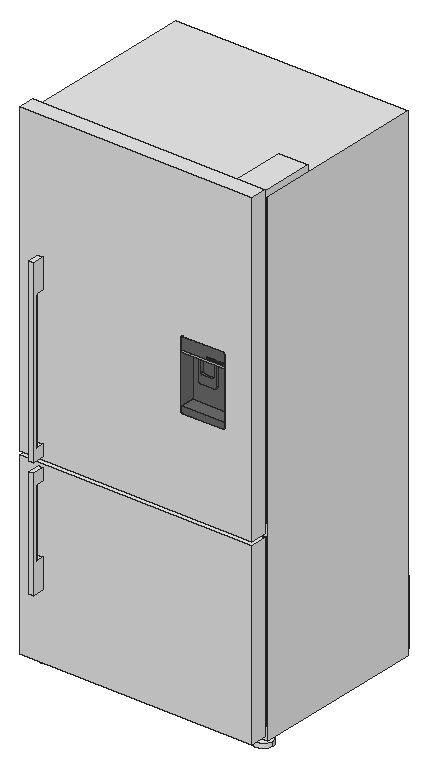
Revit family "Fisher & Paykel Fridge E522BRXFDU4", category Generic Models, host Floor, Revit 2013
Parameters
  URL = "http://www.fisherpaykel.com"
  Model = "Fisher & Paykel - Fridge E522BRXFDU4"
  Manufacturer = "Fisher&Paykel"
  Fridge = Fridge
  Designed by = "www.modlar.com"
  Description = "Fisher & Paykel - Fridge E522BRXFDU4"
Reference planes
  plane 1 "Center (Front/Back)": y = 0
  plane 2: z = 0
  plane 3 "Center (Left/Right)": x = 0
Dimensions and locks
  equal spacing: host sketch curve, plane 1 "Center (Front/Back)", host sketch curve
  equal spacing: host sketch curve, plane 3 "Center (Left/Right)", host sketch curve
  host sketch curve to host sketch curve = 3048.000 mm  (x2)
  aligned and locked: level to plane 2
Nested families
  nested 1: "E522BLRXFDU4" at (0, 0, 0) x (-1, 0, 0) z (0, 0, 1), type "Fisher & Paykel - Fridge E522BLXFDU"
Definition of nested family "E522BLRXFDU4"
  Parameters (values of type "Fisher & Paykel - Fridge E522BLXFDU")
    URL = "http://www.fisherpaykel.com"
    Model = "Fisher & Paykel - Fridge E522BLRXFDU"
    Manufacturer = "Fisher&Paykel"
    Fridge = Fridge
    Description = "Fisher & Paykel - Fridge E522BLRXFDU"
  Reference planes
    plane 1 "Center (Front/Back)": y = 0
    plane 2: z = 0
    plane 3 "Center (Left/Right)": x = 0
    plane 4: z = 0
    plane 5: z = 0
    plane 6 "Wheels": y = -278.8
    plane 7: x = -365
    plane 8: x = 365
    plane 9: z = 1610
    plane 10: z = 1715
    plane 11: x = -303.8
    plane 12: z = 1209.2
    plane 13 "Ice": y = -312.8
    plane 14: z = 1687.7
  Forms (mm)
    Extrusion 1, solid, material "Fridge" <- "Fridge"
      sketch origin (77.5, 15, 0) x (1, 0, 0) y (0, 1, 0)
        loop
          line (-472, 282.4) -> (-472, -312.4) -> (317, -312.4) -> (317, 282.4) -> (-472, 282.4)
      from 24 to 1687.7
    Extrusion 2, solid, material "Fridge" <- "Fridge"
      sketch origin (-394.5, 287.938, 0) x (0, 1, 0) y (0, 0, -1)
        loop
          line (39.462, -248.82) -> (39.462, -24) -> (9.462, -24) -> (9.462, -278.82) -> (39.462, -248.82)
      from -769 to -20
    Extrusion 3, solid, material "Fridge" <- "Fridge"
      sketch origin (-394.5, 287.938, 0) x (0, 1, 0) y (0, 0, -1)
        loop
          line (-600.538, -1715) -> (-600.538, -663) -> (-655.538, -663) -> (-655.538, -1715) -> (-600.538, -1715)
        loop
          line (-600.538, -650.65) -> (-600.538, -44.65) -> (-655.538, -44.65) -> (-655.538, -650.65) -> (-600.538, -650.65)
      from -789.5 to 0.5
    Extrusion 4, solid, material "Fridge" <- "Fridge"
      sketch origin (-394.5, 287.938, 0) x (0, 1, 0) y (0, 0, -1)
        loop
          line (-415.538, -1709.5) -> (-415.538, -1687.7) -> (-600.538, -1687.7) -> (-600.538, -1709.5) -> (-415.538, -1709.5)
      from -98.1 to -1.1
    Extrusion 5, solid, material "Fridge" <- "Fridge"
      sketch origin (394, 287.938, -2.35) x (0, 1, 0) y (0, 0, 1)
        loop
          line (-655.538, 269.5) -> (-655.538, 369.5) -> (-683.338, 369.5) -> (-683.338, 603.5) -> (-655.538, 603.5) -> (-655.538, 643.5) -> (-696.538, 643.5) -> (-696.538, 269.5) -> (-655.538, 269.5)
      from -77.7 to -62.3
    Extrusion 6, solid, material "Fridge"
      sketch origin (394, 287.938, -2.35) x (0, 1, 0) y (0, 0, 1)
        loop
          line (-683.338, 603.5) -> (-683.338, 369.5) -> (-682.069, 369.5) -> (-682.069, 603.5) -> (-683.338, 603.5)
      from -77.7 to -62.3
    Extrusion 7, solid, material "Fridge" <- "Fridge"
      sketch origin (394, 287.938, -404.35) x (0, 1, 0) y (0, 0, 1)
        loop
          line (-655.538, 1076.85) -> (-655.538, 1116.85) -> (-683.338, 1116.85) -> (-683.338, 1588.85) -> (-655.538, 1588.85) -> (-655.538, 1688.85) -> (-696.538, 1688.85) -> (-696.538, 1076.85) -> (-655.538, 1076.85)
      from -77.7 to -62.3
    Extrusion 8, solid, material "Fridge"
      sketch origin (394, 287.938, -404.35) x (0, 1, 0) y (0, 0, 1)
        loop
          line (-683.338, 1586.5) -> (-683.338, 1116.85) -> (-682.069, 1116.85) -> (-682.069, 1586.5) -> (-683.338, 1586.5)
      from -77.7 to -62.3
    Extrusion 9, solid, material "Fridge" <- "Fridge"
      sketch origin (-327.191, 287.938, 0) x (0, -1, 0) y (0, 0, 1)
        loop
          line (600.538, 645.9) -> (585.338, 645.9) -> (585.338, 65.9) -> (600.538, 65.9) -> (600.538, 645.9)
      from -714.391 to 60.009
    Extrusion 10, solid, material "Fridge" <- "Fridge"
      sketch origin (-233.759, 287.938, 1293.5) x (0, -1, 0) y (0, 0, 1)
        loop
          line (600.538, -608) -> (600.538, 388.9) -> (585.338, 388.9) -> (585.338, -608) -> (600.538, -608)
      from -620.959 to 153.441
    Extrusion 11, solid, material "Fridge" <- "Fridge"
      sketch origin (-394.5, 287.938, 0) x (0, 1, 0) y (0, 0, -1)
        loop
          line (-81.793, -24) -> (-30.882, -24)
          arc (-30.882, -24) -> (-56.338, 0) -> (-81.793, -24) r 25.5
        loop
          line (-523.293, -24) -> (-472.382, -24)
          arc (-472.382, -24) -> (-497.838, 0) -> (-523.293, -24) r 25.5
      from -69.05 to -49.35
    Extrusion 12, solid, material "Fridge" <- "Fridge"
      sketch origin (276.25, 287.938, 0) x (0, 1, 0) y (0, 0, -1)
        loop
          line (-81.793, -24) -> (-30.882, -24)
          arc (-30.882, -24) -> (-56.338, 0) -> (-81.793, -24) r 25.5
        loop
          line (-523.293, -24) -> (-472.382, -24)
          arc (-472.382, -24) -> (-497.838, 0) -> (-523.293, -24) r 25.5
      from -68.9 to -49.2
    Extrusion 13, solid, material "Fridge" <- "Fridge"
      sketch origin (-0.098, 0, 0) x (1, 0, 0) y (0, 1, 0)
        loop
          circle (-365, -278.8) r 5
        loop
          circle (365, -278.8) r 5
      from 14 to 24
    Extrusion 14, solid, material "Fridge" <- "Fridge"
      sketch origin (0, 0, 0) x (1, 0, 0) y (0, 1, 0)
        loop
          circle (-365, -278.8) r 30
        loop
          circle (365, -278.8) r 30
      from 0 to 14
    Extrusion 15, void
      sketch origin (0, 0, 0) x (1, 0, 0) y (0, 0, 1)
        loop
          line (-303.8, 1201.2) -> (-303.8, 981.6)
          arc (-303.8, 981.6) -> (-301.457, 975.943) -> (-295.8, 973.6) r 8
          line (-295.8, 973.6) -> (-161.3, 973.6)
          arc (-161.3, 973.6) -> (-155.643, 975.943) -> (-153.3, 981.6) r 8
          line (-153.3, 981.6) -> (-153.3, 1201.2)
          arc (-153.3, 1201.2) -> (-155.643, 1206.857) -> (-161.3, 1209.2) r 8
          line (-161.3, 1209.2) -> (-295.8, 1209.2)
          arc (-295.8, 1209.2) -> (-301.457, 1206.857) -> (-303.8, 1201.2) r 8
      from 312.8 to 367.6
    Revolve 16, solid, material "Fridge" <- "Fridge"
      sketch origin (-279.5, 287.938, 0) x (0, 1, 0) y (0, 0, 1)
        loop
          line (59.462, 90) -> (39.462, 90) -> (39.462, 85) -> (59.462, 85) -> (59.462, 90)
        axis (59.462, 85) -> (39.462, 85)
      angle from 0 to 360
  Cuts and joins
    Extrusion 15 cuts Extrusion 1
    Extrusion 15 cuts Extrusion 3
  Dimensions and locks
    level to Extrusion 11 = 24.000 mm
    plane 10 to plane 9 = 105.000 mm
    plane 1 "Center (Front/Back)" to Extrusion 2 = 327.400 mm
    plane 11 to Extrusion 3 = 91.200 mm
    plane 10 to plane 12 = 505.800 mm
    plane 13 "Ice" to Extrusion 3 = 54.800 mm
    level to plane 14 = 1687.700 mm
    aligned and locked: Extrusion 14 to level
    aligned and locked: cut or joined group of Extrusion 1, Extrusion 15 to plane 14
  Nested families
    nested 1: "Ice maker" at (-303.8, -312.8, 973.6), type "Ice maker"
  Definition of nested family "Ice maker"
    Parameters (values of type "Ice maker")
      Ice maker = UHMW, Black
      Fridge = Fridge
      Frame = Steel, Polished
      Brand = none
    Reference planes
      plane 1 "Center (Front/Back)": y = 0
      plane 2: z = 0
      plane 3 "Center (Left/Right)": x = 0
      plane 4: y = -54.8
      plane 5: x = 150.5
      plane 6: z = 235.6
      plane 7: z = 20
      plane 8: z = 187.1
      plane 9: z = 192.6
      plane 10: z = 196.129
      plane 11: x = 5.31
      plane 12: x = 75.25
      plane 13 "ice": y = -27.4
      plane 14: y = -33.4
      plane 15: y = -30.4
      plane 16: z = 179.1
      plane 17: x = 1
      plane 18: x = 149.5
      plane 19: y = -5
    Forms (mm)
      Extrusion 1, solid, material "Steel, Polished" <- "Frame"
        sketch origin (0, 0, 0) x (1, 0, 0) y (0, 0, 1)
          loop
            line (1, 187.1) -> (149.5, 187.1) -> (149.5, 192.6) -> (1, 192.6) -> (1, 187.1)
        from 0 to 54.8
      Extrusion 2, solid, material "UHMW, Black" <- "Ice maker"
        sketch origin (0, 0, 0) x (1, 0, 0) y (0, 0, 1)
          loop
            arc (8, 235.6) -> (2.343, 233.257) -> (0, 227.6) r 8
            line (0, 227.6) -> (0, 8)
            arc (0, 8) -> (2.343, 2.343) -> (8, 0) r 8
            line (8, 0) -> (142.5, 0)
            arc (142.5, 0) -> (148.157, 2.343) -> (150.5, 8) r 8
            line (150.5, 8) -> (150.5, 227.6)
            arc (150.5, 227.6) -> (148.157, 233.257) -> (142.5, 235.6) r 8
            line (142.5, 235.6) -> (8, 235.6)
          loop
            line (1, 192.6) -> (1, 20) -> (149.5, 20) -> (149.5, 192.6) -> (1, 192.6)
        from 0 to 54.8
      Extrusion 3, solid, material "Steel, Polished" <- "Frame"
        sketch origin (37.69, -18.414, 153.295) x (1, 0, 0) y (0, 0, 1)
          loop
            line (-30.953, 48.191) -> (-32.38, 42.834) -> (-31.094, 42.834) -> (-30.512, 45.035) -> (-27.529, 45.035) -> (-27.299, 45.885) -> (-30.282, 45.885) -> (-29.899, 47.34) -> (-26.756, 47.34) -> (-26.526, 48.191) -> (-30.953, 48.191)
          loop
            line (-26.37, 47.421) -> (-25.235, 47.421) -> (-25.024, 48.191) -> (-26.159, 48.191) -> (-26.37, 47.421)
          loop
            line (-26.592, 46.584) -> (-27.585, 42.834) -> (-26.45, 42.834) -> (-25.456, 46.584) -> (-26.592, 46.584)
          loop
            line (21.485, 42.834) -> (22.621, 42.834) -> (24.047, 48.191) -> (22.911, 48.191) -> (21.485, 42.834)
          loop
            spline (-19.682, 44.962) -> (-19.517, 45.32) -> (-19.341, 45.572) -> (-19.153, 45.737) -> (-18.952, 45.832) -> (-18.738, 45.876) -> (-18.508, 45.887) -> (-18.264, 45.882) -> (-18.022, 45.858) -> (-17.81, 45.8) -> (-17.657, 45.69) -> (-17.592, 45.513) -> (-17.643, 45.252)
            line (-17.643, 45.252) -> (-18.286, 42.834) -> (-17.152, 42.834) -> (-16.479, 45.379)
            spline (-16.479, 45.379) -> (-16.389, 45.941) -> (-16.539, 46.285) -> (-16.803, 46.475) -> (-17.067, 46.571) -> (-17.298, 46.611) -> (-17.511, 46.618) -> (-17.718, 46.618) -> (-17.94, 46.617) -> (-18.195, 46.613) -> (-18.507, 46.579) -> (-18.902, 46.407) -> (-19.41, 45.967)
            line (-19.41, 45.967) -> (-18.819, 48.191) -> (-19.953, 48.191) -> (-21.379, 42.834) -> (-20.244, 42.834) -> (-19.682, 44.962)
          loop
            line (-10.936, 46.584) -> (-11.93, 42.834) -> (-10.794, 42.834) -> (-10.213, 45.042)
            spline (-10.213, 45.042) -> (-10.076, 45.38) -> (-9.939, 45.609) -> (-9.796, 45.753) -> (-9.646, 45.834) -> (-9.484, 45.873) -> (-9.306, 45.893) -> (-9.115, 45.906) -> (-8.933, 45.895) -> (-8.784, 45.835) -> (-8.695, 45.704) -> (-8.689, 45.477) -> (-8.793, 45.132)
            line (-8.793, 45.132) -> (-7.722, 45.132)
            spline (-7.722, 45.132) -> (-7.605, 45.844) -> (-7.658, 46.21) -> (-7.808, 46.369) -> (-7.983, 46.455) -> (-8.159, 46.517) -> (-8.34, 46.555) -> (-8.531, 46.568) -> (-8.743, 46.561) -> (-8.983, 46.541) -> (-9.266, 46.475) -> (-9.612, 46.273) -> (-10.043, 45.842)
            line (-10.043, 45.842) -> (-9.801, 46.584) -> (-10.936, 46.584)
          loop
            line (9.569, 42.834) -> (10.392, 42.834)
            arc (10.392, 42.834) -> (10.001, 42.409) -> (9.549, 42.049) r 3.794
            arc (9.549, 42.049) -> (9.121, 41.885) -> (8.668, 41.959) r 0.881
            line (8.668, 41.959) -> (8.546, 41.188)
            arc (8.546, 41.188) -> (9.055, 41.176) -> (9.561, 41.241) r 3.394
            arc (9.561, 41.241) -> (10.199, 41.49) -> (10.719, 41.937) r 2.036
            arc (10.719, 41.937) -> (10.969, 42.261) -> (11.197, 42.601) r 6.112
            line (11.197, 42.601) -> (13.487, 46.584) -> (12.312, 46.584) -> (10.553, 43.42) -> (10.233, 46.584) -> (9.028, 46.584) -> (9.569, 42.834)
          loop
            line (14.08, 48.191) -> (12.646, 42.834) -> (13.782, 42.834) -> (14.223, 44.496) -> (15.035, 44.496) -> (16.119, 42.834) -> (17.378, 42.834) -> (15.943, 44.817) -> (18.042, 46.584) -> (16.873, 46.584) -> (15.227, 45.123) -> (14.395, 45.123) -> (15.206, 48.191) -> (14.08, 48.191)
          loop
            line (-1.576, 42.834) -> (-0.292, 42.834) -> (0.171, 44.56) -> (1.667, 44.56)
            spline (1.667, 44.56) -> (2.694, 44.606) -> (3.391, 44.734) -> (3.851, 44.93) -> (4.163, 45.179) -> (4.387, 45.479) -> (4.555, 45.835) -> (4.699, 46.253) -> (4.841, 46.732) -> (4.888, 47.232) -> (4.687, 47.686) -> (4.087, 48.027) -> (2.933, 48.191)
            line (2.933, 48.191) -> (-0.151, 48.191) -> (-1.576, 42.834)
          loop
            line (0.904, 47.34) -> (0.402, 45.444) -> (1.848, 45.444)
            spline (1.848, 45.444) -> (2.338, 45.429) -> (2.699, 45.492) -> (2.959, 45.62) -> (3.142, 45.799) -> (3.276, 46.016) -> (3.386, 46.255) -> (3.481, 46.504) -> (3.531, 46.746) -> (3.497, 46.966) -> (3.342, 47.149) -> (3.026, 47.279) -> (2.513, 47.34)
            line (2.513, 47.34) -> (0.904, 47.34)
          loop
            line (-14.963, 45.106) -> (-12.914, 45.106)
            spline (-12.914, 45.106) -> (-12.821, 45.458) -> (-12.859, 45.697) -> (-13.001, 45.845) -> (-13.218, 45.92) -> (-13.484, 45.946) -> (-13.77, 45.943) -> (-14.052, 45.926) -> (-14.315, 45.888) -> (-14.547, 45.807) -> (-14.739, 45.663) -> (-14.882, 45.436) -> (-14.963, 45.106)
          loop
            arc (-11.95, 44.545) -> (-11.803, 45.019) -> (-11.697, 45.504) r 5.692
            arc (-11.697, 45.504) -> (-11.756, 46.016) -> (-12.081, 46.416) r 0.918
            arc (-12.081, 46.416) -> (-13.12, 46.6) -> (-14.176, 46.585) r 5.573
            arc (-14.176, 46.585) -> (-15.14, 46.357) -> (-15.862, 45.678) r 1.918
            arc (-15.862, 45.678) -> (-16.288, 44.593) -> (-16.3, 43.427) r 3.23
            arc (-16.3, 43.427) -> (-15.896, 42.948) -> (-15.289, 42.794) r 1.025
            arc (-15.289, 42.794) -> (-14.279, 42.767) -> (-13.271, 42.836) r 10.666
            arc (-13.271, 42.836) -> (-12.426, 43.185) -> (-12.076, 44.03) r 1.194
            line (-12.076, 44.03) -> (-13.206, 44.03)
            spline (-13.206, 44.03) -> (-13.371, 43.751) -> (-13.583, 43.58) -> (-13.827, 43.493) -> (-14.091, 43.466) -> (-14.36, 43.476) -> (-14.621, 43.5) -> (-14.858, 43.532) -> (-15.056, 43.592) -> (-15.199, 43.702) -> (-15.268, 43.883) -> (-15.249, 44.157) -> (-15.124, 44.545)
            line (-15.124, 44.545) -> (-11.95, 44.545)
          loop
            line (18.517, 45.123) -> (20.565, 45.123)
            spline (20.565, 45.123) -> (20.658, 45.475) -> (20.62, 45.714) -> (20.479, 45.861) -> (20.262, 45.937) -> (19.996, 45.963) -> (19.709, 45.959) -> (19.427, 45.943) -> (19.165, 45.905) -> (18.932, 45.824) -> (18.74, 45.68) -> (18.598, 45.453) -> (18.517, 45.123)
          loop
            arc (21.53, 44.562) -> (21.677, 45.036) -> (21.782, 45.521) r 5.692
            arc (21.782, 45.521) -> (21.724, 46.033) -> (21.399, 46.432) r 0.918
            arc (21.399, 46.432) -> (20.359, 46.617) -> (19.303, 46.602) r 5.573
            arc (19.303, 46.602) -> (18.339, 46.374) -> (17.617, 45.695) r 1.918
            arc (17.617, 45.695) -> (17.192, 44.61) -> (17.179, 43.444) r 3.23
            arc (17.179, 43.444) -> (17.583, 42.965) -> (18.191, 42.811) r 1.025
            arc (18.191, 42.811) -> (19.201, 42.784) -> (20.209, 42.852) r 10.666
            arc (20.209, 42.852) -> (21.053, 43.202) -> (21.403, 44.047) r 1.194
            line (21.403, 44.047) -> (20.274, 44.047)
            spline (20.274, 44.047) -> (20.109, 43.768) -> (19.897, 43.597) -> (19.652, 43.51) -> (19.389, 43.483) -> (19.119, 43.493) -> (18.859, 43.517) -> (18.621, 43.549) -> (18.423, 43.609) -> (18.281, 43.719) -> (18.211, 43.9) -> (18.231, 44.174) -> (18.355, 44.562)
            line (18.355, 44.562) -> (21.53, 44.562)
          loop
            spline (8.727, 45.284) -> (8.767, 45.928) -> (8.592, 46.284) -> (8.282, 46.453) -> (7.919, 46.532) -> (7.547, 46.581) -> (7.16, 46.613) -> (6.754, 46.635) -> (6.321, 46.653) -> (5.868, 46.636) -> (5.423, 46.498) -> (5.014, 46.149) -> (4.67, 45.5)
            line (4.67, 45.5) -> (5.814, 45.5)
            arc (5.814, 45.5) -> (5.967, 45.868) -> (6.335, 46.02) r 0.521
            arc (6.335, 46.02) -> (6.897, 46.061) -> (7.449, 45.943) r 2.007
            arc (7.449, 45.943) -> (7.583, 45.269) -> (7.371, 44.615) r 1.364
            spline (7.371, 44.615) -> (6.424, 45.044) -> (5.63, 45.037) -> (5.005, 44.895) -> (4.533, 44.62) -> (4.211, 44.207) -> (4.069, 43.733) -> (4.108, 43.327) -> (4.335, 43.062) -> (4.808, 42.891) -> (5.514, 42.795) -> (6.382, 42.886) -> (7.26, 43.62)
            line (7.26, 43.62) -> (6.939, 42.834) -> (8.074, 42.834) -> (8.727, 45.284)
          loop
            spline (-25.881, 44.015) -> (-25.255, 42.812) -> (-23.957, 42.72) -> (-22.857, 42.862) -> (-22.011, 43.217) -> (-21.479, 43.851) -> (-21.425, 44.564) -> (-22.045, 44.999) -> (-23.23, 45.073) -> (-24.086, 45.198) -> (-24.196, 45.636) -> (-23.255, 46.038) -> (-22.313, 45.557)
            line (-22.313, 45.557) -> (-21.218, 45.557)
            spline (-21.218, 45.557) -> (-21.772, 46.528) -> (-22.971, 46.655) -> (-24.028, 46.598) -> (-24.852, 46.281) -> (-25.276, 45.566) -> (-25.313, 44.789) -> (-24.554, 44.462) -> (-23.468, 44.41) -> (-22.718, 44.271) -> (-22.607, 43.826) -> (-23.648, 43.358) -> (-24.592, 44.015)
            line (-24.592, 44.015) -> (-25.881, 44.015)
          loop
            arc (-2.802, 43.918) -> (-2.582, 44.437) -> (-2.453, 44.986) r 3.302
            line (-2.453, 44.986) -> (-3.196, 45.227)
            arc (-3.196, 45.227) -> (-3.295, 44.819) -> (-3.413, 44.415) r 8.608
            line (-3.413, 44.415) -> (-4.724, 45.477)
            spline (-4.724, 45.477) -> (-2.926, 45.913) -> (-2.429, 46.343) -> (-2.214, 46.922) -> (-2.312, 47.512) -> (-2.737, 47.807) -> (-3.315, 47.955) -> (-3.996, 48.038) -> (-4.775, 48.04) -> (-5.5, 47.89) -> (-6.064, 47.528) -> (-6.458, 46.921) -> (-6.256, 45.661)
            spline (-6.256, 45.661) -> (-7.342, 45.209) -> (-7.649, 44.733) -> (-7.781, 44.258) -> (-7.865, 43.731) -> (-7.774, 43.274) -> (-7.431, 43.02) -> (-6.975, 42.879) -> (-6.484, 42.802) -> (-5.939, 42.775) -> (-5.243, 42.772) -> (-4.344, 42.861) -> (-3.352, 43.364)
            line (-3.352, 43.364) -> (-2.466, 42.663) -> (-1.914, 43.215) -> (-2.802, 43.918)
          loop
            spline (-5.654, 45.33) -> (-6.41, 45.069) -> (-6.703, 44.63) -> (-6.848, 44.173) -> (-6.91, 43.787) -> (-6.825, 43.52) -> (-6.595, 43.372) -> (-6.273, 43.299) -> (-5.886, 43.268) -> (-5.406, 43.26) -> (-4.799, 43.263) -> (-4.149, 43.364) -> (-3.637, 43.735)
            line (-3.637, 43.735) -> (-5.654, 45.33)
          loop
            line (-5.087, 45.771) -> (-4.053, 45.935)
            spline (-4.053, 45.935) -> (-3.356, 46.297) -> (-3.248, 46.698) -> (-3.281, 46.97) -> (-3.456, 47.117) -> (-3.774, 47.172) -> (-4.164, 47.178) -> (-4.56, 47.158) -> (-4.909, 47.108) -> (-5.187, 47.005) -> (-5.427, 46.785) -> (-5.548, 46.388) -> (-5.087, 45.771)
          loop
            arc (6.715, 43.641) -> (6.681, 44.18) -> (6.217, 44.456) r 0.578
            arc (6.217, 44.456) -> (5.822, 44.446) -> (5.434, 44.377) r 2.611
            arc (5.434, 44.377) -> (5.07, 44.096) -> (5.024, 43.64) r 0.582
            arc (5.024, 43.64) -> (5.404, 43.436) -> (5.819, 43.315) r 2.102
            arc (5.819, 43.315) -> (6.311, 43.356) -> (6.715, 43.641) r 0.942
        from 36.386 to 37.386
      Extrusion 4, solid, material "UHMW, Black" <- "Ice maker"
        sketch origin (0, -27.4, 0) x (0, 0, 1) y (-1, 0, 0)
          loop
            line (187.1, -45.25) -> (105.1, -45.25)
            arc (105.1, -45.25) -> (99.443, -47.593) -> (97.1, -53.25) r 8
            line (97.1, -53.25) -> (97.1, -97.25)
            arc (97.1, -97.25) -> (99.443, -102.907) -> (105.1, -105.25) r 8
            line (105.1, -105.25) -> (187.1, -105.25) -> (187.1, -98.75) -> (133.6, -98.75)
            arc (133.6, -98.75) -> (128.297, -96.553) -> (126.1, -91.25) r 7.5
            line (126.1, -91.25) -> (126.1, -59.25)
            arc (126.1, -59.25) -> (128.297, -53.947) -> (133.6, -51.75) r 7.5
            line (133.6, -51.75) -> (187.1, -51.75) -> (187.1, -45.25)
        from 0 to 6
      Extrusion 5, solid, material "Steel, Polished" <- "Frame"
        sketch origin (0, 0, 0) x (1, 0, 0) y (0, 1, 0)
          loop
            circle (75.25, -30.4) r 7.5
        from 179.1 to 187.1
      Extrusion 6, solid, material "UHMW, Black" <- "Ice maker"
        sketch origin (0, -27.4, 0) x (0, 0, 1) y (-1, 0, 0)
          loop
            line (187.1, -1) -> (20, -1) -> (20, -149.5) -> (187.1, -149.5) -> (187.1, -1)
        from -27.4 to -22.4
    Dimensions and locks
      locked: plane 1 "Center (Front/Back)" to plane 4 at 54.8
      locked: plane 3 "Center (Left/Right)" to plane 5 at 150.5
      locked: plane 6 to level at 235.6
      locked: plane 7 to level at 20
      locked: plane 6 to plane 9 at 43
      locked: plane 9 to plane 8 at 5.5
      locked: plane 6 to plane 10 at 39.471
      locked: plane 11 to plane 3 "Center (Left/Right)" at 5.31
      equal spacing: plane 5, plane 12, plane 3 "Center (Left/Right)"
      locked: plane 8 to plane 16 at 8
      plane 1 "Center (Front/Back)" to plane 4 = 54.800 mm
      aligned and locked: plane 2 to level
    Automatic sketch dimensions
      Extrusion 3 sketch curve to plane 11 = 0.000 mm
      Extrusion 3 sketch curve to plane 10 = 1.646 mm
      Extrusion 3 sketch curve to Extrusion 3 sketch curve = 1.286 mm
      plane 11 to Extrusion 3 sketch curve = 1.427 mm
      plane 11 to Extrusion 3 sketch curve = 1.868 mm
      Extrusion 3 sketch curve to Extrusion 3 sketch curve = 0.231 mm  (x3)
      Extrusion 3 sketch curve to Extrusion 3 sketch curve = 1.055 mm  (x2)
      plane 10 to Extrusion 3 sketch curve = 0.000 mm  (x10)
      Extrusion 3 sketch curve to Extrusion 3 sketch curve = 3.509 mm
      Extrusion 3 sketch curve to Extrusion 3 sketch curve = 0.056 mm
      Extrusion 3 sketch curve to Extrusion 3 sketch curve = 0.230 mm
      Extrusion 3 sketch curve to Extrusion 3 sketch curve = 0.543 mm
      Extrusion 3 sketch curve to Extrusion 3 sketch curve = 0.165 mm
      Extrusion 3 sketch curve to Extrusion 3 sketch curve = 1.135 mm  (x6)
      Extrusion 3 sketch curve to Extrusion 3 sketch curve = 0.386 mm
      Extrusion 3 sketch curve to Extrusion 3 sketch curve = 0.367 mm
      Extrusion 3 sketch curve to Extrusion 3 sketch curve = 0.569 mm
      Extrusion 3 sketch curve to Extrusion 3 sketch curve = 1.136 mm  (x2)
      Extrusion 3 sketch curve to Extrusion 3 sketch curve = 0.221 mm
      Extrusion 3 sketch curve to Extrusion 3 sketch curve = 0.210 mm
      Extrusion 3 sketch curve to Extrusion 3 sketch curve = 1.289 mm
      plane 10 to Extrusion 3 sketch curve = 2.723 mm
      Extrusion 3 sketch curve to Extrusion 3 sketch curve = 2.279 mm
      Extrusion 3 sketch curve to Extrusion 3 sketch curve = 0.934 mm
      Extrusion 3 sketch curve to Extrusion 3 sketch curve = 1.095 mm
      Extrusion 3 sketch curve to Extrusion 3 sketch curve = 1.265 mm
      plane 10 to Extrusion 3 sketch curve = 2.128 mm
      Extrusion 3 sketch curve to Extrusion 3 sketch curve = 1.536 mm
      plane 10 to Extrusion 3 sketch curve = 3.133 mm
      Extrusion 3 sketch curve to Extrusion 3 sketch curve = 0.272 mm
      Extrusion 3 sketch curve to Extrusion 3 sketch curve = 1.134 mm
      Extrusion 3 sketch curve to Extrusion 3 sketch curve = 1.958 mm
      plane 10 to Extrusion 3 sketch curve = 2.418 mm
      Extrusion 3 sketch curve to Extrusion 3 sketch curve = 1.767 mm
      plane 10 to Extrusion 3 sketch curve = 2.545 mm
      Extrusion 3 sketch curve to Extrusion 3 sketch curve = 1.164 mm
      Extrusion 3 sketch curve to Extrusion 3 sketch curve = 1.355 mm  (x2)
      Extrusion 3 sketch curve to Extrusion 3 sketch curve = 0.161 mm  (x3)
      plane 10 to Extrusion 3 sketch curve = 1.196 mm
      Extrusion 3 sketch curve to Extrusion 3 sketch curve = 1.918 mm  (x2)
      Extrusion 3 sketch curve to Extrusion 3 sketch curve = 0.291 mm  (x2)
      Extrusion 3 sketch curve to Extrusion 3 sketch curve = 1.129 mm  (x2)
      Extrusion 3 sketch curve to Extrusion 3 sketch curve = 0.127 mm  (x2)
      Extrusion 3 sketch curve to Extrusion 3 sketch curve = 0.146 mm
      plane 10 to Extrusion 3 sketch curve = 3.750 mm  (x4)
      Extrusion 3 sketch curve to Extrusion 3 sketch curve = 1.014 mm
      plane 10 to Extrusion 3 sketch curve = 2.208 mm
      Extrusion 3 sketch curve to Extrusion 3 sketch curve = 0.723 mm
      plane 10 to Extrusion 3 sketch curve = 3.008 mm
      Extrusion 3 sketch curve to Extrusion 3 sketch curve = 0.170 mm
      Extrusion 3 sketch curve to Extrusion 3 sketch curve = 0.241 mm
      plane 10 to Extrusion 3 sketch curve = 2.298 mm
      Extrusion 3 sketch curve to Extrusion 3 sketch curve = 1.420 mm
      Extrusion 3 sketch curve to Extrusion 3 sketch curve = 1.071 mm
      plane 10 to Extrusion 3 sketch curve = 2.827 mm
      Extrusion 3 sketch curve to Extrusion 3 sketch curve = 1.466 mm
      plane 10 to Extrusion 3 sketch curve = 2.496 mm
      Extrusion 3 sketch curve to Extrusion 3 sketch curve = 0.602 mm
      plane 10 to Extrusion 3 sketch curve = 2.937 mm
      Extrusion 3 sketch curve to Extrusion 3 sketch curve = 0.567 mm
      plane 10 to Extrusion 3 sketch curve = 2.643 mm
      Extrusion 3 sketch curve to Extrusion 3 sketch curve = 0.363 mm
      plane 10 to Extrusion 3 sketch curve = 3.101 mm
      Extrusion 3 sketch curve to Extrusion 3 sketch curve = 0.671 mm
      plane 10 to Extrusion 3 sketch curve = 0.900 mm
      Extrusion 3 sketch curve to Extrusion 3 sketch curve = 1.087 mm
      plane 10 to Extrusion 3 sketch curve = 1.581 mm
      Extrusion 3 sketch curve to Extrusion 3 sketch curve = 0.224 mm
      plane 10 to Extrusion 3 sketch curve = 0.530 mm
      Extrusion 3 sketch curve to Extrusion 3 sketch curve = 0.285 mm
      plane 10 to Extrusion 3 sketch curve = 2.393 mm
      Extrusion 3 sketch curve to Extrusion 3 sketch curve = 0.217 mm
      plane 10 to Extrusion 3 sketch curve = 1.084 mm
      Extrusion 3 sketch curve to Extrusion 3 sketch curve = 0.550 mm
      Extrusion 3 sketch curve to plane 10 = 0.171 mm
      Extrusion 3 sketch curve to Extrusion 3 sketch curve = 0.886 mm
      plane 10 to Extrusion 3 sketch curve = 2.152 mm
      Extrusion 3 sketch curve to Extrusion 3 sketch curve = 0.743 mm
      plane 10 to Extrusion 3 sketch curve = 0.381 mm
      Extrusion 3 sketch curve to Extrusion 3 sketch curve = 0.552 mm
      Extrusion 3 sketch curve to Extrusion 3 sketch curve = 0.338 mm
      Extrusion 3 sketch curve to Extrusion 3 sketch curve = 1.285 mm
      plane 10 to Extrusion 3 sketch curve = 5.356 mm  (x2)
      Extrusion 3 sketch curve to Extrusion 3 sketch curve = 2.302 mm
      Extrusion 3 sketch curve to Extrusion 3 sketch curve = 0.462 mm
      plane 10 to Extrusion 3 sketch curve = 2.610 mm
      plane 10 to Extrusion 3 sketch curve = 4.506 mm
      Extrusion 3 sketch curve to Extrusion 3 sketch curve = 1.496 mm
      Extrusion 3 sketch curve to Extrusion 3 sketch curve = 0.181 mm
      Extrusion 3 sketch curve to Extrusion 3 sketch curve = 1.609 mm
      Extrusion 3 sketch curve to Extrusion 3 sketch curve = 0.419 mm
      Extrusion 3 sketch curve to Extrusion 3 sketch curve = 2.822 mm
      Extrusion 3 sketch curve to Extrusion 3 sketch curve = 1.144 mm
      Extrusion 3 sketch curve to Extrusion 3 sketch curve = 1.125 mm
      plane 10 to Extrusion 3 sketch curve = 0.786 mm
      Extrusion 3 sketch curve to Extrusion 3 sketch curve = 0.321 mm
      plane 10 to Extrusion 3 sketch curve = 1.781 mm
      Extrusion 3 sketch curve to Extrusion 3 sketch curve = 0.111 mm
      Extrusion 3 sketch curve to Extrusion 3 sketch curve = 0.814 mm
      Extrusion 3 sketch curve to Extrusion 3 sketch curve = 0.472 mm
      Extrusion 3 sketch curve to plane 10 = 0.875 mm
      Extrusion 3 sketch curve to Extrusion 3 sketch curve = 0.122 mm
      plane 10 to Extrusion 3 sketch curve = 2.450 mm
      Extrusion 3 sketch curve to Extrusion 3 sketch curve = 0.302 mm
      Extrusion 3 sketch curve to Extrusion 3 sketch curve = 0.901 mm
      Extrusion 3 sketch curve to Extrusion 3 sketch curve = 1.204 mm
      Extrusion 3 sketch curve to Extrusion 3 sketch curve = 0.822 mm
      plane 10 to Extrusion 3 sketch curve = 0.586 mm
      Extrusion 3 sketch curve to plane 10 = 0.234 mm
      Extrusion 3 sketch curve to Extrusion 3 sketch curve = 0.805 mm
      Extrusion 3 sketch curve to Extrusion 3 sketch curve = 2.080 mm
      Extrusion 3 sketch curve to Extrusion 3 sketch curve = 1.449 mm
      Extrusion 3 sketch curve to Extrusion 3 sketch curve = 1.175 mm
      Extrusion 3 sketch curve to Extrusion 3 sketch curve = 0.593 mm  (x2)
      plane 10 to Extrusion 3 sketch curve = 1.662 mm
      Extrusion 3 sketch curve to Extrusion 3 sketch curve = 0.441 mm
      Extrusion 3 sketch curve to Extrusion 3 sketch curve = 0.172 mm
      Extrusion 3 sketch curve to Extrusion 3 sketch curve = 0.812 mm  (x2)
      Extrusion 3 sketch curve to Extrusion 3 sketch curve = 1.126 mm
      plane 10 to Extrusion 3 sketch curve = 2.289 mm
      Extrusion 3 sketch curve to Extrusion 3 sketch curve = 0.191 mm
      plane 10 to Extrusion 3 sketch curve = 1.983 mm
      Extrusion 3 sketch curve to Extrusion 3 sketch curve = 0.717 mm
      Extrusion 3 sketch curve to Extrusion 3 sketch curve = 1.084 mm
      Extrusion 3 sketch curve to Extrusion 3 sketch curve = 0.930 mm
      Extrusion 3 sketch curve to Extrusion 3 sketch curve = 1.259 mm
      Extrusion 3 sketch curve to Extrusion 3 sketch curve = 1.169 mm
      Extrusion 3 sketch curve to Extrusion 3 sketch curve = 0.977 mm
      plane 10 to Extrusion 3 sketch curve = 1.213 mm
      Extrusion 3 sketch curve to Extrusion 3 sketch curve = 0.082 mm
      Extrusion 3 sketch curve to Extrusion 3 sketch curve = 2.346 mm
      Extrusion 3 sketch curve to Extrusion 3 sketch curve = 0.336 mm
      Extrusion 3 sketch curve to Extrusion 3 sketch curve = 0.851 mm  (x3)
      Extrusion 3 sketch curve to Extrusion 3 sketch curve = 0.617 mm
      Extrusion 3 sketch curve to Extrusion 3 sketch curve = 0.000 mm  (x9)
      Extrusion 3 sketch curve to Extrusion 3 sketch curve = 0.228 mm  (x3)
      Extrusion 3 sketch curve to Extrusion 3 sketch curve = 0.063 mm
      Extrusion 3 sketch curve to Extrusion 3 sketch curve = 4.320 mm
      Extrusion 3 sketch curve to Extrusion 3 sketch curve = 0.731 mm  (x2)
      Extrusion 3 sketch curve to Extrusion 3 sketch curve = 0.787 mm
      Extrusion 3 sketch curve to plane 10 = 1.789 mm
      Extrusion 3 sketch curve to Extrusion 3 sketch curve = 1.638 mm
      Extrusion 3 sketch curve to Extrusion 3 sketch curve = 0.065 mm  (x2)
      Extrusion 3 sketch curve to Extrusion 3 sketch curve = 0.089 mm  (x2)
      Extrusion 3 sketch curve to Extrusion 3 sketch curve = 0.312 mm  (x2)
      Extrusion 3 sketch curve to Extrusion 3 sketch curve = 0.522 mm  (x2)
      Extrusion 3 sketch curve to Extrusion 3 sketch curve = 0.905 mm  (x2)
      Extrusion 3 sketch curve to Extrusion 3 sketch curve = 0.471 mm
      Extrusion 3 sketch curve to Extrusion 3 sketch curve = 0.067 mm
      Extrusion 3 sketch curve to Extrusion 3 sketch curve = 0.354 mm
      Extrusion 3 sketch curve to Extrusion 3 sketch curve = 0.410 mm
      Extrusion 3 sketch curve to Extrusion 3 sketch curve = 0.555 mm
      Extrusion 3 sketch curve to Extrusion 3 sketch curve = 0.240 mm
      Extrusion 3 sketch curve to Extrusion 3 sketch curve = 0.556 mm
      Extrusion 3 sketch curve to Extrusion 3 sketch curve = 0.196 mm
      Extrusion 3 sketch curve to plane 10 = 0.986 mm
      Extrusion 3 sketch curve to Extrusion 3 sketch curve = 0.854 mm
      Extrusion 3 sketch curve to Extrusion 3 sketch curve = 0.199 mm  (x2)
      Extrusion 3 sketch curve to Extrusion 3 sketch curve = 0.385 mm
      Extrusion 3 sketch curve to Extrusion 3 sketch curve = 0.022 mm
      Extrusion 3 sketch curve to Extrusion 3 sketch curve = 0.324 mm
      Extrusion 3 sketch curve to Extrusion 3 sketch curve = 0.545 mm
      Extrusion 3 sketch curve to Extrusion 3 sketch curve = 0.042 mm  (x2)
      Extrusion 3 sketch curve to Extrusion 3 sketch curve = 0.036 mm
      Extrusion 3 sketch curve to Extrusion 3 sketch curve = 0.151 mm
      Extrusion 3 sketch curve to Extrusion 3 sketch curve = 0.537 mm
      Extrusion 3 sketch curve to Extrusion 3 sketch curve = 0.119 mm
      Extrusion 3 sketch curve to Extrusion 3 sketch curve = 0.020 mm
      Extrusion 3 sketch curve to plane 10 = 1.593 mm
      Extrusion 3 sketch curve to Extrusion 3 sketch curve = 0.011 mm
      Extrusion 3 sketch curve to plane 10 = 0.897 mm
      Extrusion 3 sketch curve to Extrusion 3 sketch curve = 0.700 mm
      Extrusion 3 sketch curve to Extrusion 3 sketch curve = 0.425 mm
      Extrusion 3 sketch curve to Extrusion 3 sketch curve = 3.775 mm
      Extrusion 3 sketch curve to Extrusion 3 sketch curve = 1.261 mm
      Extrusion 3 sketch curve to plane 10 = 1.772 mm
      Extrusion 3 sketch curve to Extrusion 3 sketch curve = 1.574 mm
      Extrusion 3 sketch curve to Extrusion 3 sketch curve = 0.786 mm  (x2)
      Extrusion 3 sketch curve to Extrusion 3 sketch curve = 1.181 mm
      Extrusion 3 sketch curve to Extrusion 3 sketch curve = 0.834 mm
      Extrusion 3 sketch curve to Extrusion 3 sketch curve = 0.884 mm
      Extrusion 3 sketch curve to Extrusion 3 sketch curve = 0.515 mm
      Extrusion 3 sketch curve to Extrusion 3 sketch curve = 2.201 mm
      Extrusion 3 sketch curve to Extrusion 3 sketch curve = 0.561 mm  (x2)
      Extrusion 3 sketch curve to Extrusion 3 sketch curve = 0.335 mm
      Extrusion 3 sketch curve to Extrusion 3 sketch curve = 0.699 mm
      Extrusion 3 sketch curve to Extrusion 3 sketch curve = 1.455 mm
      Extrusion 3 sketch curve to Extrusion 3 sketch curve = 0.836 mm
      Extrusion 3 sketch curve to Extrusion 3 sketch curve = 2.224 mm
      Extrusion 3 sketch curve to Extrusion 3 sketch curve = 3.629 mm
      Extrusion 3 sketch curve to Extrusion 3 sketch curve = 1.751 mm
      Extrusion 3 sketch curve to Extrusion 3 sketch curve = 0.023 mm
      Extrusion 3 sketch curve to Extrusion 3 sketch curve = 0.481 mm
      Extrusion 3 sketch curve to Extrusion 3 sketch curve = 0.610 mm
      Extrusion 3 sketch curve to Extrusion 3 sketch curve = 0.054 mm  (x2)
      Extrusion 3 sketch curve to Extrusion 3 sketch curve = 0.417 mm
      plane 7 to Extrusion 4 sketch curve = 77.100 mm
      plane 8 to Extrusion 4 sketch curve = 0.000 mm  (x2)
      plane 12 to Extrusion 4 sketch curve = 30.000 mm
      Extrusion 4 sketch curve to Extrusion 4 sketch curve = 8.000 mm  (x2)
      Extrusion 4 sketch curve to Extrusion 4 sketch curve = 21.000 mm
      Extrusion 4 sketch curve to Extrusion 4 sketch curve = 7.500 mm  (x2)
      Extrusion 4 sketch curve to Extrusion 4 sketch curve = 6.500 mm
      Extrusion 4 sketch curve to plane 12 = 16.000 mm
      Extrusion 4 sketch curve to plane 12 = 22.000 mm
      Extrusion 5 sketch curve to plane 12 = 0.000 mm
      plane 15 to Extrusion 5 sketch curve = 0.000 mm
      Extrusion 2 sketch curve to plane 3 "Center (Left/Right)" = 0.000 mm
      Extrusion 2 sketch curve to level = 0.000 mm
      Extrusion 2 sketch curve to plane 6 = 0.000 mm
      Extrusion 2 sketch curve to plane 9 = 0.000 mm
      Extrusion 2 sketch curve to plane 18 = 0.000 mm
      Extrusion 2 sketch curve to plane 5 = 0.000 mm
      Extrusion 2 sketch curve to plane 17 = 0.000 mm
      Extrusion 2 sketch curve to plane 7 = 0.000 mm
      plane 11 to Extrusion 2 sketch curve = 2.690 mm  (x2)
      Extrusion 2 sketch curve to plane 18 = 7.000 mm  (x2)
      Extrusion 1 sketch curve to plane 9 = 0.000 mm
      Extrusion 1 sketch curve to plane 17 = 0.000 mm
      Extrusion 1 sketch curve to plane 18 = 0.000 mm
      Extrusion 1 sketch curve to plane 8 = 0.000 mm
      Extrusion 6 sketch curve to plane 18 = 0.000 mm
      Extrusion 6 sketch curve to plane 7 = 0.000 mm
      Extrusion 6 sketch curve to plane 8 = 0.000 mm
      Extrusion 6 sketch curve to plane 17 = 0.000 mm
      radius of Extrusion 5 sketch curve = 7.500 mm
